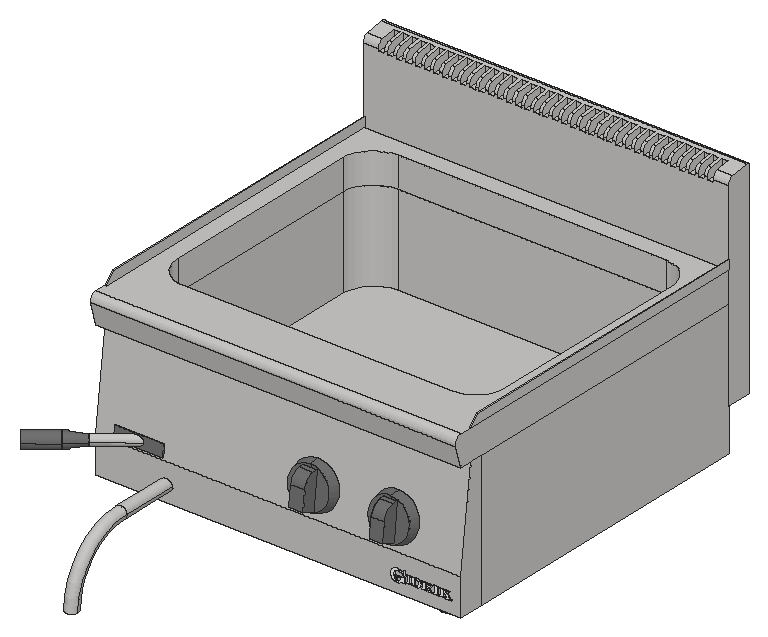
Revit family "QF_GIORIK_LBE6711", category Specialty Equipment, Revit 2014
Parameters (values of type "LBE6711")
  Weight in Pounds = 83.7756
  Watts = 2800 W
  Waste Water Discharge Temperature [instance] = 0 °C
  Volts = 230 V
  URL Cutsheet = "www.giorik.com"
  URL = "www.giorik.com"
  Status [instance] = ""
  Specification by User [instance] = ""
  Specification by Manufacturer = ""
  Show Logo [instance] = yes
  Show Clearance [instance] = yes
  Serial Number = ""
  Seismic Rating = ""
  SMACNA No = ""
  Revision Code [instance] = ""
  Plumbing Remarks [instance] = ""
  Plumbing Connection Type [instance] = ""
  Phase = 1
  Number of Poles [instance] = 1
  NAFEM Spec ID Number = ""
  Model = "LBE6711"
  Min Ckt Ampacity = 0 A
  Max Overcurrent Protection = 0 A
  Masterspec = ""
  Manufacturer = "GIORIK"
  Item Number [instance] = ""
  Installed By [instance] = ""
  Indirect Waste Size = 1"
  Indirect Waste Flow = 0.0 L/s
  Indirect Waste Connection Type [instance] = ""
  Indirect Waste Connection Height [instance] = 45 mm
  Identify Quantity as Lot [instance] = no
  HP = "3.754856000000"
  Furnished By [instance] = ""
  Foodservice Equipment Identifier [instance] = yes
  FL Amps = 0 A
  Electrical Remarks [instance] = ""
  Electric Connection Type [instance] = ""
  Elec Conn RI Height [instance] = 0 mm
  Elec Conn Connection Height [instance] = 45 mm
  Description = "BAIN-MARIE ELECTRIC GN 1/1 - GN 1/4 2X"
  Cycle = 50 Hz
  Conn Plug = ""
  Conn Conduit [instance] = no
  CSI MasterFormat = ""
  Assembly Code = "E1090320"
  Apparent Power = 2800 VA
Reference planes
  plane 1 "Back": y = 0
  plane 2: z = 0
  plane 3 "Left": x = 0
  plane 4 "Right": x = 600
  plane 5 "Front": y = -600
  plane 6 "Top": z = 430
Forms (mm)
  Extrusion 1, solid
    sketch origin (0, 1000, -578.42) x (0, 1, 0) y (0, 0, 1)
      loop
        line (-1040.007, 869.975) -> (-1589.445, 869.975)
        arc (-1589.445, 869.975) -> (-1598.171, 865.672) -> (-1600.069, 856.13) r 10.999
        line (-1600.069, 856.13) -> (-1590.388, 820) -> (-1040.007, 820) -> (-1040.007, 869.975)
    from 0 to 600
  Extrusion 2, solid
    sketch origin (0, 0, -558.42) x (0, 1, 0) y (0, 0, 1)
      loop
        line (-570.06, 849.975) -> (-40.007, 849.975) -> (-40.007, 864.975) -> (-555.06, 864.975) -> (-570.06, 849.975)
    from 0 to 1.85
  Extrusion 3, solid
    sketch origin (0, 0, -558.42) x (0, 1, 0) y (0, 0, 1)
      loop
        line (-40.007, 800) -> (-550, 800) -> (-550, 580) -> (-40.007, 580) -> (-40.007, 800)
    from 0 to 600
  Extrusion 4, solid
    sketch origin (0, 0, -558.42) x (0, 1, 0) y (0, 0, 1)
      loop
        line (-550, 800) -> (-570.5, 800) -> (-590, 640) -> (-590, 580) -> (-550, 580) -> (-550, 800)
    from 0 to 600
  Extrusion 5, solid
    sketch origin (598.094, 0, -558.42) x (0, 1, 0) y (0, 0, 1)
      loop
        line (-570.06, 849.975) -> (-40.007, 849.975) -> (-40.007, 864.975) -> (-555.06, 864.975) -> (-570.06, 849.975)
    from -0.15 to 1.906
  Extrusion 6, solid
    sketch origin (0, 0, -558.42) x (0, 1, 0) y (0, 0, 1)
      loop
        line (-40.007, 974.217) -> (-40.007, 650.827) -> (0, 650.827) -> (0, 988.42)
        arc (0, 988.42) -> (-0.57, 989.648) -> (-1.878, 990) r 1.6
        line (-1.878, 990) -> (-31.072, 984.852)
        arc (-31.072, 984.852) -> (-37.477, 981.162) -> (-40.007, 974.217) r 10.797
    from 0 to 600
  Revolve 7, solid
    sketch origin (368, 0.456, -560.289) x (0, 1, 0) y (0, 0, 1)
      loop
        line (-598.03, 706.389) -> (-594.27, 737.013) -> (-609.648, 734.852) -> (-613.772, 701.269) -> (-581.482, 697.305) -> (-580.629, 704.252) -> (-598.03, 706.389)
      axis (-581.482, 697.305) -> (-613.772, 701.269)
    angle from 0 to 360
  Extrusion 8, solid
    sketch origin (205.014, 0.456, -560.289) x (0, 1, 0) y (0, 0, 1)
      loop
        line (-635.843, 711.553) -> (-639.647, 680.575) -> (-617.415, 671.593) -> (-610.135, 730.882) -> (-617.934, 729.786)
        arc (-617.934, 729.786) -> (-629.982, 723.708) -> (-635.843, 711.553) r 20.998
    from 151.831 to 173.831
  Revolve 9, solid
    sketch origin (500, 0.456, -560.289) x (0, 1, 0) y (0, 0, 1)
      loop
        line (-598.03, 706.389) -> (-594.27, 737.013) -> (-609.648, 734.852) -> (-613.772, 701.269) -> (-581.482, 697.305) -> (-580.629, 704.252) -> (-598.03, 706.389)
      axis (-581.482, 697.305) -> (-613.772, 701.269)
    angle from 0 to 360
  Extrusion 10, solid
    sketch origin (337.014, 0.456, -560.289) x (0, 1, 0) y (0, 0, 1)
      loop
        line (-635.843, 711.553) -> (-639.647, 680.575) -> (-617.415, 671.593) -> (-610.135, 730.882) -> (-617.934, 729.786)
        arc (-617.934, 729.786) -> (-629.982, 723.708) -> (-635.843, 711.553) r 20.998
    from 151.831 to 173.831
  Extrusion 11, solid
    sketch origin (568.319, 0, -561) x (1, 0, 0) y (0, 0, 1)
      loop
        circle (-38.319, 606) r 12.5
    from 20.007 to 40.007
  Extrusion 12, solid, visible <- "Show Logo"
    sketch origin (391.604, -590.5, -4.533) x (-1, 0, 0) y (0, 0, 1)
      loop
        line (-118.824, 58.358) -> (-127.804, 58.358) -> (-125.523, 56.445) -> (-125.523, 48.027) -> (-127.804, 46.113) -> (-118.824, 46.113) -> (-121.105, 48.027) -> (-121.105, 56.445) -> (-118.824, 58.358)
      loop
        line (-163.721, 58.358) -> (-172.7, 58.358) -> (-170.42, 56.445) -> (-170.42, 48.027) -> (-172.7, 46.113) -> (-163.721, 46.113) -> (-166.001, 48.027) -> (-166.001, 56.445) -> (-163.721, 58.358)
      loop
        line (-174.332, 58.358) -> (-183.312, 58.358) -> (-181.031, 56.445) -> (-181.031, 52.435) -> (-186.419, 56.955) -> (-184.416, 58.358) -> (-191.268, 58.358) -> (-188.01, 56.839) -> (-185.455, 54.283) -> (-190.846, 47.858) -> (-193.396, 46.93) -> (-193.396, 46.113) -> (-184.416, 46.113) -> (-185.437, 47.571) -> (-182.443, 51.552) -> (-181.031, 50.894) -> (-181.031, 48.027) -> (-183.312, 46.113) -> (-174.332, 46.113) -> (-176.613, 48.027) -> (-176.613, 56.445) -> (-174.332, 58.358)
      loop
        line (-115.429, 62.063) -> (-115.429, 54.198)
        arc (-115.429, 54.198) -> (-111.618, 57.803) -> (-106.847, 59.986) r 16.039
        arc (-106.847, 59.986) -> (-103.314, 59.837) -> (-100.512, 57.68) r 5.851
        arc (-100.512, 57.68) -> (-98.815, 52.267) -> (-100.512, 46.853) r 9.479
        arc (-100.512, 46.853) -> (-102.406, 44.986) -> (-104.846, 43.93) r 7.236
        arc (-104.846, 43.93) -> (-107.728, 44.111) -> (-110.052, 45.825) r 5.11
        line (-110.052, 45.825) -> (-110.052, 52.001) -> (-116.141, 52.001) -> (-116.141, 45.503) -> (-117.893, 43.751) -> (-114.094, 44.769)
        arc (-114.094, 44.769) -> (-112.56, 44.947) -> (-111.129, 44.366) r 3.115
        arc (-111.129, 44.366) -> (-104.216, 42.091) -> (-97.303, 44.366) r 11.641
        arc (-97.303, 44.366) -> (-93.396, 52.107) -> (-97.303, 59.849) r 9.622
        arc (-97.303, 59.849) -> (-104.369, 62.174) -> (-111.435, 59.849) r 11.898
        line (-111.435, 59.849) -> (-115.429, 62.063)
      loop
        arc (-129.234, 56.068) -> (-135.893, 58.628) -> (-142.552, 56.068) r 9.941
        arc (-142.552, 56.068) -> (-144.234, 52.286) -> (-142.552, 48.505) r 5.093
        arc (-142.552, 48.505) -> (-135.893, 45.945) -> (-129.234, 48.505) r 9.941
        arc (-129.234, 48.505) -> (-127.552, 52.286) -> (-129.234, 56.068) r 5.093
      loop
        arc (-132.628, 54.403) -> (-135.893, 57.668) -> (-139.158, 54.403) r 3.265
        line (-139.158, 54.403) -> (-139.158, 50.169)
        arc (-139.158, 50.169) -> (-135.893, 46.904) -> (-132.628, 50.169) r 3.265
        line (-132.628, 50.169) -> (-132.628, 54.403)
      loop
        arc (-156.363, 58.365) -> (-159.647, 55.081) -> (-156.363, 51.796) r 3.285
        line (-156.363, 51.796) -> (-159.529, 47.306) -> (-162.087, 46.113) -> (-155.847, 46.113) -> (-153.529, 51.083) -> (-150.637, 51.083) -> (-150.637, 47.784) -> (-153.022, 46.113) -> (-144.011, 46.113) -> (-146.094, 47.68) -> (-146.094, 56.493) -> (-144.229, 58.365) -> (-156.363, 58.365)
      loop
        line (-150.637, 57.512) -> (-153.637, 57.512)
        arc (-153.637, 57.512) -> (-156.237, 54.912) -> (-153.637, 52.312) r 2.6
        line (-153.637, 52.312) -> (-150.637, 52.312) -> (-150.637, 57.512)
      loop
        line (-108.924, 52.001) -> (-104.936, 49.005) -> (-100.948, 52.001) -> (-108.924, 52.001)
    from 1.5 to -0.5
  Extrusion 13, void
    sketch origin (10, 0, 431.58) x (0, 1, 0) y (-1, 0, 0)
      loop
        line (-40.007, -25) -> (-9.931, -25) -> (-9.931, -15) -> (-40.007, -15) -> (-40.007, -25)
      loop
        line (-40.007, -40) -> (-9.931, -40) -> (-9.931, -30) -> (-40.007, -30) -> (-40.007, -40)
      loop
        line (-40.007, -55) -> (-9.931, -55) -> (-9.931, -45) -> (-40.007, -45) -> (-40.007, -55)
      loop
        line (-40.007, -70) -> (-9.931, -70) -> (-9.931, -60) -> (-40.007, -60) -> (-40.007, -70)
      loop
        line (-40.007, -85) -> (-9.931, -85) -> (-9.931, -75) -> (-40.007, -75) -> (-40.007, -85)
      loop
        line (-40.007, -100) -> (-9.931, -100) -> (-9.931, -90) -> (-40.007, -90) -> (-40.007, -100)
      loop
        line (-40.007, -115) -> (-9.931, -115) -> (-9.931, -105) -> (-40.007, -105) -> (-40.007, -115)
      loop
        line (-40.007, -130) -> (-9.931, -130) -> (-9.931, -120) -> (-40.007, -120) -> (-40.007, -130)
      loop
        line (-40.007, -145) -> (-9.931, -145) -> (-9.931, -135) -> (-40.007, -135) -> (-40.007, -145)
      loop
        line (-40.007, -160) -> (-9.931, -160) -> (-9.931, -150) -> (-40.007, -150) -> (-40.007, -160)
      loop
        line (-40.007, -175) -> (-9.931, -175) -> (-9.931, -165) -> (-40.007, -165) -> (-40.007, -175)
      loop
        line (-40.007, -190) -> (-9.931, -190) -> (-9.931, -180) -> (-40.007, -180) -> (-40.007, -190)
      loop
        line (-40.007, -205) -> (-9.931, -205) -> (-9.931, -195) -> (-40.007, -195) -> (-40.007, -205)
      loop
        line (-40.007, -220) -> (-9.931, -220) -> (-9.931, -210) -> (-40.007, -210) -> (-40.007, -220)
      loop
        line (-40.007, -235) -> (-9.931, -235) -> (-9.931, -225) -> (-40.007, -225) -> (-40.007, -235)
      loop
        line (-40.007, -250) -> (-9.931, -250) -> (-9.931, -240) -> (-40.007, -240) -> (-40.007, -250)
      loop
        line (-40.007, -265) -> (-9.931, -265) -> (-9.931, -255) -> (-40.007, -255) -> (-40.007, -265)
      loop
        line (-40.007, -280) -> (-9.931, -280) -> (-9.931, -270) -> (-40.007, -270) -> (-40.007, -280)
      loop
        line (-40.007, -295) -> (-9.931, -295) -> (-9.931, -285) -> (-40.007, -285) -> (-40.007, -295)
      loop
        line (-40.007, -310) -> (-9.931, -310) -> (-9.931, -300) -> (-40.007, -300) -> (-40.007, -310)
      loop
        line (-40.007, -325) -> (-9.931, -325) -> (-9.931, -315) -> (-40.007, -315) -> (-40.007, -325)
      loop
        line (-40.007, -340) -> (-9.931, -340) -> (-9.931, -330) -> (-40.007, -330) -> (-40.007, -340)
      loop
        line (-40.007, -355) -> (-9.931, -355) -> (-9.931, -345) -> (-40.007, -345) -> (-40.007, -355)
      loop
        line (-40.007, -370) -> (-9.931, -370) -> (-9.931, -360) -> (-40.007, -360) -> (-40.007, -370)
      loop
        line (-40.007, -385) -> (-9.931, -385) -> (-9.931, -375) -> (-40.007, -375) -> (-40.007, -385)
      loop
        line (-40.007, -400) -> (-9.931, -400) -> (-9.931, -390) -> (-40.007, -390) -> (-40.007, -400)
      loop
        line (-40.007, -415) -> (-9.931, -415) -> (-9.931, -405) -> (-40.007, -405) -> (-40.007, -415)
      loop
        line (-40.007, -430) -> (-9.931, -430) -> (-9.931, -420) -> (-40.007, -420) -> (-40.007, -430)
      loop
        line (-40.007, -445) -> (-9.931, -445) -> (-9.931, -435) -> (-40.007, -435) -> (-40.007, -445)
      loop
        line (-40.007, -460) -> (-9.931, -460) -> (-9.931, -450) -> (-40.007, -450) -> (-40.007, -460)
      loop
        line (-40.007, -475) -> (-9.931, -475) -> (-9.931, -465) -> (-40.007, -465) -> (-40.007, -475)
      loop
        line (-40.007, -490) -> (-9.931, -490) -> (-9.931, -480) -> (-40.007, -480) -> (-40.007, -490)
      loop
        line (-40.007, -505) -> (-9.931, -505) -> (-9.931, -495) -> (-40.007, -495) -> (-40.007, -505)
      loop
        line (-40.007, -520) -> (-9.931, -520) -> (-9.931, -510) -> (-40.007, -510) -> (-40.007, -520)
      loop
        line (-40.007, -535) -> (-9.931, -535) -> (-9.931, -525) -> (-40.007, -525) -> (-40.007, -535)
      loop
        line (-40.007, -550) -> (-9.931, -550) -> (-9.931, -540) -> (-40.007, -540) -> (-40.007, -550)
      loop
        line (-40.007, -565) -> (-9.931, -565) -> (-9.931, -555) -> (-40.007, -555) -> (-40.007, -565)
    from 0 to -20
  Extrusion 14, solid
    sketch origin (566.603, 14.286, -28.42) x (0, 1, 0) y (-1, 0, 0)
      loop
        circle (-79.293, 516.603) r 5
    from 40.385 to 50
  Revolve 15, solid
    sketch origin (50, 18.936, -600) x (0, 1, 0) y (0, 0, 1)
      loop
        line (-83.943, 611.965) -> (-94.752, 611.965) -> (-97.943, 600) -> (-83.943, 600) -> (-83.943, 611.965)
      axis (-83.943, 611.965) -> (-83.943, 600)
    angle from 0 to 360
  Extrusion 16, solid
    sketch origin (33.397, 14.286, -28.42) x (0, 1, 0) y (-1, 0, 0)
      loop
        circle (-79.293, -516.603) r 5
    from 40.385 to 50
  Revolve 17, solid
    sketch origin (550, 18.936, -600) x (0, 1, 0) y (0, 0, -1)
      loop
        line (-83.943, -611.965) -> (-83.943, -600) -> (-97.943, -600) -> (-94.752, -611.965) -> (-83.943, -611.965)
      axis (-83.943, -611.965) -> (-83.943, -600)
    angle from 0 to 360
  Extrusion 18, solid
    sketch origin (566.603, -469.707, -30) x (0, 1, 0) y (-1, 0, 0)
      loop
        circle (-79.293, 516.603) r 5
    from 41.965 to 51.58
  Revolve 19, solid
    sketch origin (50, -465.057, -600) x (0, 1, 0) y (0, 0, 1)
      loop
        line (-83.943, 611.965) -> (-94.752, 611.965) -> (-97.943, 600) -> (-83.943, 600) -> (-83.943, 611.965)
      axis (-83.943, 611.965) -> (-83.943, 600)
    angle from 0 to 360
  Extrusion 20, solid
    sketch origin (33.397, -469.707, -30) x (0, 1, 0) y (-1, 0, 0)
      loop
        circle (-79.293, -516.603) r 5
    from 41.965 to 51.58
  Revolve 21, solid
    sketch origin (550, -465.057, -600) x (0, 1, 0) y (0, 0, -1)
      loop
        line (-83.943, -611.965) -> (-83.943, -600) -> (-97.943, -600) -> (-94.752, -611.965) -> (-83.943, -611.965)
      axis (-83.943, -611.965) -> (-83.943, -600)
    angle from 0 to 360
  Extrusion 22, solid
    sketch origin (337.033, 0.456, -560.289) x (0, 1, 0) y (0, 0, 1)
      loop
        line (-635.843, 711.553) -> (-639.647, 680.575) -> (-617.415, 671.593) -> (-610.135, 730.882) -> (-617.934, 729.786)
        arc (-617.934, 729.786) -> (-629.982, 723.708) -> (-635.843, 711.553) r 20.998
    from 151.831 to 173.831
  Extrusion 23, void
    sketch origin (0, 0, 430) x (0, 1, 0) y (-1, 0, 0)
      loop
        arc (-70, -80) -> (-84.645, -44.645) -> (-120, -30) r 50
        line (-120, -30) -> (-460, -30)
        arc (-460, -30) -> (-495.355, -44.645) -> (-510, -80) r 50
        line (-510, -80) -> (-510, -520)
        arc (-510, -520) -> (-495.355, -555.355) -> (-460, -570) r 50
        line (-460, -570) -> (-120, -570)
        arc (-120, -570) -> (-84.645, -555.355) -> (-70, -520) r 50
        line (-70, -520) -> (-70, -80)
    from -97.843 to -337.592
  Blend 24, solid
    base sketch origin (562.031, -104.536, -899.556) x (0.615661, -0.788011, 0) y (0, 0, 1)
      loop
        circle (76.097, 994.319) r 8
    top sketch origin (562.031, -104.536, -899.556) x (0.615661, -0.788011, 0) y (0, 0, 1)
      loop
        circle (76.097, 994.319) r 12
    from 750.092 to 785.1
  Extrusion 25, solid
    sketch origin (553.205, -96.203, -910.987) x (0.615661, -0.788011, 0) y (0, 0, 1)
      loop
        circle (88.097, 1005.786) r 12
    from 783.275 to 836.3
  Extrusion 26, solid
    sketch origin (-457.579, -17.847, -366.381) x (-0.615661, 0.788011, 0) y (0, 0, 1)
      loop
        circle (-772.143, 461.145) r 8
    from 0 to 79.992
  Extrusion 27, solid
    sketch origin (-54.851, -17.89, -61.988) x (1, 0, 0) y (0, 0.12098, 0.992655)
      loop
        line (84.851, 96.58) -> (84.851, 76.58) -> (164.851, 76.58) -> (164.851, 96.58) -> (84.851, 96.58)
    from 584.669 to 586.623
  Sweep 28, solid
    path origin (115, 226.022, -176.077) x (0, 1, 0) y (0, 0, 1)
      loop
        line (-814.022, 222.645) -> (-909.022, 222.645)
        arc (-909.022, 222.645) -> (-979.733, 193.356) -> (-1009.022, 122.645) r 100
    profile origin (115, -635.5, 46.568) x (0, 0, -1) y (1, 0, 0)
      loop
        circle (0, 0) r 10
  Extrusion 29, solid
    sketch origin (0, 0, 279.827) x (0, 1, 0) y (-1, 0, 0)
      loop
        circle (-460, -300) r 12.5
    from -188.42 to -186.42
  Extrusion 30, solid
    sketch origin (0, 0, 210) x (0, 1, 0) y (-1, 0, 0)
      loop
        circle (-460, -300) r 12.5
    from -188.42 to -200
Cuts and joins
  Extrusion 13 cuts Extrusion 6
  Extrusion 23 cuts Extrusion 1
  Extrusion 23 cuts Extrusion 3
Lines and regions (mm)
  symbolic lines, style "200-EquipInternal-2D"
    curve 1: line (25, -9.931, 290) -> (25, -40.007, 290)
    curve 2: line (35, -40.007, 290) -> (35, -9.931, 290)
    curve 3: line (40, -9.931, 290) -> (40, -40.007, 290)
    curve 4: line (50, -40.007, 290) -> (50, -9.931, 290)
    curve 5: line (55, -9.931, 290) -> (55, -40.007, 290)
    curve 6: line (65, -40.007, 290) -> (65, -9.931, 290)
    curve 7: line (85, -9.931, 290) -> (85, -40.007, 290)
    curve 8: line (95, -40.007, 290) -> (95, -9.931, 290)
    curve 9: line (100, -9.931, 290) -> (100, -40.007, 290)
    curve 10: line (110, -40.007, 290) -> (110, -9.931, 290)
    curve 11: line (140, -40.007, 290) -> (140, -9.931, 290)
    curve 12: line (130, -9.931, 290) -> (130, -40.007, 290)
    curve 13: line (155, -40.007, 290) -> (155, -9.931, 290)
    curve 14: line (160, -9.931, 290) -> (160, -40.007, 290)
    curve 15: line (170, -40.007, 290) -> (170, -9.931, 290)
    curve 16: line (145, -9.931, 290) -> (145, -40.007, 290)
    curve 17: line (200, -40.007, 290) -> (200, -9.931, 290)
    curve 18: line (190, -9.931, 290) -> (190, -40.007, 290)
    curve 19: line (205, -9.931, 290) -> (205, -40.007, 290)
    curve 20: line (215, -40.007, 290) -> (215, -9.931, 290)
    curve 21: line (220, -9.931, 290) -> (220, -40.007, 290)
    curve 22: line (230, -40.007, 290) -> (230, -9.931, 290)
    curve 23: line (250, -9.931, 290) -> (250, -40.007, 290)
    curve 24: line (260, -40.007, 290) -> (260, -9.931, 290)
    curve 25: line (265, -9.931, 290) -> (265, -40.007, 290)
    curve 26: line (275, -40.007, 290) -> (275, -9.931, 290)
    curve 27: line (280, -9.931, 290) -> (280, -40.007, 290)
    curve 28: line (290, -40.007, 290) -> (290, -9.931, 290)
    curve 29: line (320, -40.007, 290) -> (320, -9.931, 290)
    curve 30: line (310, -9.931, 290) -> (310, -40.007, 290)
    curve 31: line (335, -40.007, 290) -> (335, -9.931, 290)
    curve 32: line (325, -9.931, 290) -> (325, -40.007, 290)
    curve 33: line (340, -9.931, 290) -> (340, -40.007, 290)
    curve 34: line (350, -40.007, 290) -> (350, -9.931, 290)
    curve 35: line (370, -9.931, 290) -> (370, -40.007, 290)
    curve 36: line (380, -40.007, 290) -> (380, -9.931, 290)
    curve 37: line (385, -9.931, 290) -> (385, -40.007, 290)
    curve 38: line (395, -9.931, 290) -> (385, -9.931, 290)
    curve 39: line (380, -9.931, 290) -> (370, -9.931, 290)
    curve 40: line (350, -9.931, 290) -> (340, -9.931, 290)
    curve 41: line (335, -9.931, 290) -> (325, -9.931, 290)
    curve 42: line (320, -9.931, 290) -> (310, -9.931, 290)
    curve 43: line (275, -9.931, 290) -> (265, -9.931, 290)
    curve 44: line (110, -9.931, 290) -> (100, -9.931, 290)
    curve 45: line (95, -9.931, 290) -> (85, -9.931, 290)
    curve 46: line (65, -9.931, 290) -> (55, -9.931, 290)
    curve 47: line (35, -9.931, 290) -> (25, -9.931, 290)
    curve 48: line (140, -9.931, 290) -> (130, -9.931, 290)
    curve 49: line (155, -9.931, 290) -> (145, -9.931, 290)
    curve 50: line (170, -9.931, 290) -> (160, -9.931, 290)
    curve 51: line (200, -9.931, 290) -> (190, -9.931, 290)
    curve 52: line (215, -9.931, 290) -> (205, -9.931, 290)
    curve 53: line (230, -9.931, 290) -> (220, -9.931, 290)
    curve 54: line (260, -9.931, 290) -> (250, -9.931, 290)
    curve 55: line (50, -9.931, 290) -> (40, -9.931, 290)
    curve 56: line (70, -9.931, 430) -> (70, -40.007, 430)
    curve 57: line (80, -40.007, 430) -> (80, -9.931, 430)
    curve 58: line (80, -9.931, 430) -> (70, -9.931, 430)
    curve 59: line (175, -9.931, 430) -> (175, -40.007, 430)
    curve 60: line (185, -40.007, 430) -> (185, -9.931, 430)
    curve 61: line (185, -9.931, 430) -> (175, -9.931, 430)
    curve 62: line (235, -9.931, 430) -> (235, -40.007, 430)
    curve 63: line (245, -40.007, 430) -> (245, -9.931, 430)
    curve 64: line (245, -9.931, 430) -> (235, -9.931, 430)
    curve 65: line (290, -9.931, 430) -> (280, -9.931, 430)
    curve 66: line (305, -9.931, 430) -> (295, -9.931, 430)
    curve 67: line (295, -9.931, 430) -> (295, -40.007, 430)
    curve 68: line (305, -40.007, 430) -> (305, -9.931, 430)
    curve 69: line (355, -9.931, 430) -> (355, -40.007, 430)
    curve 70: line (365, -40.007, 430) -> (365, -9.931, 430)
    curve 71: line (365, -9.931, 430) -> (355, -9.931, 430)
    curve 72: line (395, -40.007, 430) -> (395, -9.931, 430)
    curve 73: line (400, -9.931, 430) -> (400, -40.007, 430)
    curve 74: line (410, -40.007, 430) -> (410, -9.931, 430)
    curve 75: line (410, -9.931, 430) -> (400, -9.931, 430)
    curve 76: line (425, -9.931, 430) -> (415, -9.931, 430)
    curve 77: line (415, -9.931, 430) -> (415, -40.007, 430)
    curve 78: line (425, -40.007, 430) -> (425, -9.931, 430)
    curve 79: line (430, -9.931, 430) -> (430, -40.007, 430)
    curve 80: line (440, -40.007, 430) -> (440, -9.931, 430)
    curve 81: line (440, -9.931, 430) -> (430, -9.931, 430)
    curve 82: line (445, -9.931, 430) -> (445, -40.007, 430)
    curve 83: line (455, -40.007, 430) -> (455, -9.931, 430)
    curve 84: line (460, -9.931, 430) -> (460, -40.007, 430)
    curve 85: line (470, -40.007, 430) -> (470, -9.931, 430)
    curve 86: line (475, -9.931, 430) -> (475, -40.007, 430)
    curve 87: line (485, -40.007, 430) -> (485, -9.931, 430)
    curve 88: line (490, -9.931, 430) -> (490, -40.007, 430)
    curve 89: line (500, -40.007, 430) -> (500, -9.931, 430)
    curve 90: line (505, -9.931, 430) -> (505, -40.007, 430)
    curve 91: line (515, -40.007, 430) -> (515, -9.931, 430)
    curve 92: line (520, -9.931, 430) -> (520, -40.007, 430)
    curve 93: line (530, -40.007, 430) -> (530, -9.931, 430)
    curve 94: line (535, -9.931, 430) -> (535, -40.007, 430)
    curve 95: line (545, -40.007, 430) -> (545, -9.931, 430)
    curve 96: line (550, -9.931, 430) -> (550, -40.007, 430)
    curve 97: line (560, -40.007, 430) -> (560, -9.931, 430)
    curve 98: line (565, -9.931, 430) -> (565, -40.007, 430)
    curve 99: line (455, -9.931, 430) -> (445, -9.931, 430)
    curve 100: line (470, -9.931, 430) -> (460, -9.931, 430)
    curve 101: line (485, -9.931, 430) -> (475, -9.931, 430)
    curve 102: line (500, -9.931, 430) -> (490, -9.931, 430)
    curve 103: line (515, -9.931, 430) -> (505, -9.931, 430)
    curve 104: line (530, -9.931, 430) -> (520, -9.931, 430)
    curve 105: line (545, -9.931, 430) -> (535, -9.931, 430)
    curve 106: line (560, -9.931, 430) -> (550, -9.931, 430)
    curve 107: line (575, -9.931, 430) -> (565, -9.931, 430)
    curve 108: line (575, -40.007, 430) -> (575, -9.931, 430)
    curve 109: line (125, -9.931, 430) -> (115, -9.931, 430)
    curve 110: line (115, -9.931, 430) -> (115, -40.007, 430)
    curve 111: line (125, -40.007, 430) -> (125, -9.931, 430)
    curve 115: line (597.944, -570.06, 430) -> (600, -570.06, 430)
    curve 116: line (597.944, -40.007, 430) -> (597.944, -570.06, 430)
    curve 117: line (80, -70, 430) -> (520, -70, 430)
    curve 118: line (570, -120, 430) -> (570, -460, 430)
    curve 119: line (30, -460, 430) -> (30, -120, 430)
    curve 120: arc (80, -510, 430) -> (44.645, -495.355, 430) -> (30, -460, 430) r 50
    curve 121: line (520, -510, 430) -> (80, -510, 430)
    curve 122: arc (570, -460, 430) -> (555.355, -495.355, 430) -> (520, -510, 430) r 50
    curve 123: line (0, -570.06, 430) -> (1.85, -570.06, 430)
    curve 124: line (1.85, -570.06, 430) -> (1.85, -40.007, 430)
    curve 125: line (1.85, -40.007, 430) -> (597.944, -40.007, 430)
    curve 126: arc (80, -70, 430) -> (44.645, -84.645, 430) -> (30, -120, 430) r 50
    curve 127: arc (570, -120, 430) -> (555.355, -84.645, 430) -> (520, -70, 430) r 50
    curve 157: circle (300, -460, 430) r 12.5 normal (0, 0, 1)
  symbolic lines, style "200-EquipBorder-2D"
    curve 112: line (600, 0, 430) -> (0, 0, 430)
    curve 113: line (600, -600, 430) -> (600, 0, 430)
    curve 114: line (0, 0, 430) -> (0, -600, 430)
    curve 128: line (125, -783, 430) -> (125, -600, 430)
    curve 129: line (105, -783, 430) -> (105, -600, 430)
    curve 130: line (22.542, -632.373, 430) -> (64.462, -600, 430)
    curve 131: line (12.875, -620, 430) -> (38.474, -600, 430)
    curve 132: line (600, -600, 430) -> (0, -600, 430)
    curve 133: line (12.875, -620, 430) -> (-17.174, -638.401, 430)
    curve 134: line (-17.174, -638.401, 430) -> (-58.958, -671.046, 430)
    curve 135: line (-58.958, -671.046, 430) -> (-44.183, -689.958, 430)
    curve 136: line (-44.183, -689.958, 430) -> (-2.398, -657.313, 430)
    curve 137: line (-2.398, -657.313, 430) -> (22.542, -632.373, 430)
    curve 138: arc (105, -783, 430) -> (115, -793, 430) -> (125, -783, 430) r 10
    curve 139: spline (356.845, -617.202, 990) -> (353.633, -617.041, 990) -> (350.575, -616.841, 990) -> (347.7, -616.604, 990) -> (345.04, -616.332, 990) -> (342.624, -616.028, 990) -> (340.475, -615.696, 990) -> (338.617, -615.338, 990) -> (337.069, -614.96, 990) -> (335.848, -614.563, 990) -> (334.967, -614.154, 990) -> (334.434, -613.736, 990) -> (334.256, -613.313, 990)
    curve 140: spline (401.918, -613.408, 990) -> (401.664, -613.826, 990) -> (401.063, -614.239, 990) -> (400.12, -614.643, 990) -> (398.845, -615.033, 990) -> (397.252, -615.405, 990) -> (395.357, -615.755, 990) -> (393.18, -616.08, 990) -> (390.743, -616.376, 990) -> (388.071, -616.641, 990) -> (385.193, -616.871, 990) -> (382.137, -617.065, 990) -> (378.936, -617.219, 990)
    curve 141: line (334.256, -613.313, 990) -> (330.579, -600, 990)
    curve 142: line (401.918, -613.408, 990) -> (405.423, -600, 990)
    curve 143: line (356.845, -639.19, 430) -> (356.845, -609.679, 430)
    curve 144: line (356.845, -639.19, 430) -> (378.845, -639.19, 430)
    curve 145: line (378.845, -639.19, 430) -> (378.845, -609.679, 430)
    curve 146: spline (334.256, -613.313, 430) -> (335.408, -612.264, 430) -> (338.786, -611.286, 430) -> (344.158, -610.446, 430) -> (351.16, -609.802, 430) -> (359.314, -609.396, 430) -> (368.065, -609.258, 430) -> (376.815, -609.396, 430) -> (384.969, -609.802, 430) -> (391.971, -610.446, 430) -> (397.344, -611.286, 430) -> (400.721, -612.264, 430) -> (401.873, -613.313, 430)
    curve 147: line (356.845, -609.679, 430) -> (378.845, -609.679, 430)
    curve 148: spline (488.845, -617.202, 990) -> (485.633, -617.041, 990) -> (482.575, -616.841, 990) -> (479.7, -616.604, 990) -> (477.04, -616.332, 990) -> (474.624, -616.028, 990) -> (472.475, -615.696, 990) -> (470.617, -615.338, 990) -> (469.069, -614.96, 990) -> (467.848, -614.563, 990) -> (466.967, -614.154, 990) -> (466.434, -613.736, 990) -> (466.256, -613.313, 990)
    curve 149: spline (533.918, -613.408, 990) -> (533.664, -613.826, 990) -> (533.063, -614.239, 990) -> (532.12, -614.643, 990) -> (530.845, -615.033, 990) -> (529.252, -615.405, 990) -> (527.357, -615.755, 990) -> (525.18, -616.08, 990) -> (522.743, -616.376, 990) -> (520.071, -616.641, 990) -> (517.193, -616.871, 990) -> (514.137, -617.065, 990) -> (510.936, -617.219, 990)
    curve 150: line (466.256, -613.313, 990) -> (462.579, -600, 990)
    curve 151: line (533.918, -613.408, 990) -> (537.423, -600, 990)
    curve 152: line (488.845, -639.19, 430) -> (488.845, -609.679, 430)
    curve 153: line (488.845, -639.19, 430) -> (510.845, -639.19, 430)
    curve 154: line (510.845, -639.19, 430) -> (510.845, -609.679, 430)
    curve 155: spline (466.256, -613.313, 430) -> (467.408, -612.264, 430) -> (470.786, -611.286, 430) -> (476.158, -610.446, 430) -> (483.16, -609.802, 430) -> (491.314, -609.396, 430) -> (500.065, -609.258, 430) -> (508.815, -609.396, 430) -> (516.969, -609.802, 430) -> (523.971, -610.446, 430) -> (529.344, -611.286, 430) -> (532.721, -612.264, 430) -> (533.873, -613.313, 430)
    curve 156: line (488.845, -609.679, 430) -> (510.845, -609.679, 430)
Dimensions and locks
  plane 3 "Left" to plane 4 "Right" = 600 mm
  plane 5 "Front" to plane 1 "Back" = 600 mm
  locked: plane 4 "Right" to plane 3 "Left" at 600
  plane 1 "Back" to plane 5 "Front" = 600 mm
  plane 6 "Top" to level = 430 mm  (x2)
  aligned and locked: level to plane 2
Connectors
  electrical at (530, -20.007, 45), driven by "Apparent Power", driven by "Volts", driven by "Number of Poles"
    settings: on Extrusion 11, index 1, voltage 230 V, apparent load 0 VA, apparent load phase1 2800 VA, apparent load phase2 0 VA, apparent load phase3 0 VA, power factor 1, load classification "Other", number of poles 1, system type 31, power factor state 1, is connector primary yes, connector utility no, sub classification motor no, connector description "Electrical connection"
  piping at (300, -460, 10), diameter 25.4, driven by "Indirect Waste Size", driven by "Indirect Waste Flow"
    settings: on Extrusion 30, index 2, connector inside diameter 24", connector length 0 mm, flow factor 0, pipe flow 0.0 L/s, pressure drop 0.0 Pa, fitting loss kfactor 0, connector angle 0.00°, fixture units 0, engagement length 0 mm, angle of deflection 0.00°, flow configuration 1, flow direction 2, fitting loss method 0, system type 16, joint type 0, gender type 0, connector reference index -1, connector utility 0, adjustable connector no, is connector primary yes, connector description "Drain connection"
